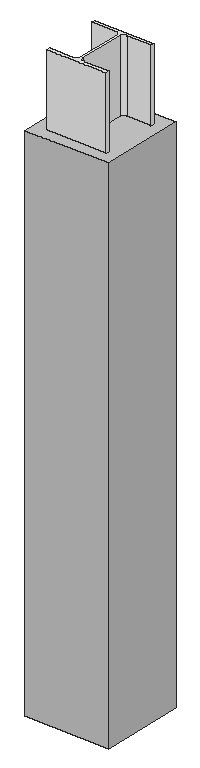
Revit family
Parameters (values of type "SRC250x250x9")
  hc [instance] = 350 mm
  bc [instance] = 350 mm
  콘크리트 상단 간격띄우기 [instance] = 300 mm
  콘크리트 회전 [instance] = 0.00°
  콘크리트 기둥 재료 [instance] = 콘크리트 - 현장타설 콘크리트
  기둥 재료 [instance] = 금속 - 스틸 - 345 MPa
  Assembly Code = ""
  A = 0.009 m²
  W = 0.71
  bf = 250 mm
  d = 250 mm
  k = 30 mm
  kr = k - tf  # 16 mm
  tf = 14 mm
  tw = 9 mm
Reference planes
  plane 1 "중심(앞/뒤)": y = 0
  plane 2: z = 0
  plane 3 "중심(왼쪽/오른쪽)": x = 0
  plane 4: x = -125
  plane 5: x = 125
  plane 6: y = 125
  plane 7: y = -125
  plane 8: x = -3.969
  plane 9: x = 3.969
  plane 10: z = 2200
Forms (mm)
  Extrusion 1, solid, material "금속 - 스틸 - 345 MPa" <- "기둥 재료", detail levels medium
    sketch origin (0, 0, 0) x (1, 0, 0) y (0, 1, 0)
      loop
        line (-125, 125) -> (-125, 111) -> (-4.5, 111) -> (-4.5, -111) -> (-125, -111) -> (-125, -125) -> (125, -125) -> (125, -111) -> (4.5, -111) -> (4.5, 111) -> (125, 111) -> (125, 125) -> (-125, 125)
    from 0 to 2500
  Extrusion 2, solid, material "금속 - 스틸 - 345 MPa" <- "기둥 재료", detail levels fine
    sketch origin (0, 0, 0) x (1, 0, 0) y (0, 1, 0)
      loop
        line (-125, 125) -> (-125, 111) -> (-20.5, 111)
        arc (-20.5, 111) -> (-9.186, 106.314) -> (-4.5, 95) r 16
        line (-4.5, 95) -> (-4.5, -95)
        arc (-4.5, -95) -> (-9.186, -106.314) -> (-20.5, -111) r 16
        line (-20.5, -111) -> (-125, -111) -> (-125, -125) -> (125, -125) -> (125, -111) -> (20.5, -111)
        arc (20.5, -111) -> (9.186, -106.314) -> (4.5, -95) r 16
        line (4.5, -95) -> (4.5, 95)
        arc (4.5, 95) -> (9.186, 106.314) -> (20.5, 111) r 16
        line (20.5, 111) -> (125, 111) -> (125, 125) -> (-125, 125)
    from 0 to 2500
  Sweep 3, solid, material "콘크리트 - 현장타설 콘크리트" <- "콘크리트 기둥 재료", detail levels medium+fine
    path origin (0, 0, 0) x (1, 0, 0) y (0, 0, 1)
      loop
        line (0, 0) -> (0, 2200)
    profile "M_직사각형 보-프로파일 : M_직사각형 보-프로파일" origin (0, 0, 1100) x (-1, 0, 0) y (0, -1, 0)
      loop
        line (-175, -175) -> (175, -175) -> (175, 175) -> (-175, 175) -> (-175, -175)
Lines and regions (mm)
  symbolic lines, style "StructuralColumnStickSymbols", detail levels coarse
    curve 1: line (-125, 125, 0) -> (125, 125, 0)
    curve 2: line (-125, -125, 0) -> (125, -125, 0)
    curve 3: line (0, 125, 0) -> (0, -125, 0)
    curve 6: line (-175, 175, 0) -> (175, 175, 0)
    curve 7: line (-175, -175, 0) -> (-175, 175, 0)
    curve 8: line (175, -175, 0) -> (-175, -175, 0)
    curve 9: line (175, 175, 0) -> (175, -175, 0)
  symbolic lines, style "숨겨진 면", detail levels medium+fine
    curve 4: line (-3.969, 0, 0) -> (-3.969, 0, 2500)
    curve 5: line (3.969, 0, 2500) -> (3.969, 0, 0)
Dimensions and locks
  equal spacing: plane 4, plane 3 "중심(왼쪽/오른쪽)", plane 5
  equal spacing: plane 7, plane 1 "중심(앞/뒤)", plane 6
  "d": plane 7 to plane 6
  "bf": plane 4 to plane 5
  "tf": plane 7 to Extrusion 1 sketch curve
  "tf": Extrusion 1 sketch curve to plane 6
  equal spacing: Extrusion 1 sketch curve, plane 3 "중심(왼쪽/오른쪽)", Extrusion 1 sketch curve
  "tw": Extrusion 1 sketch curve to Extrusion 1 sketch curve
  "콘크리트 상단 간격띄우기": level to plane 10
  "kr": radius of Extrusion 2 sketch curve  (x4)
  aligned and locked: plane 6 to Extrusion 1 sketch curve
  aligned and locked: Extrusion 1 sketch curve to plane 7
  aligned and locked: Extrusion 1 sketch curve to plane 4  (x2)
  aligned and locked: plane 5 to Extrusion 1 sketch curve  (x2)
  aligned and locked: Extrusion 1 sketch curve to Extrusion 1 sketch curve  (x2)
  aligned and locked: level to Extrusion 1
  aligned and locked: level to plane 2
  aligned and locked: Extrusion 1 to plane 2
  aligned and locked: plane 6 to Extrusion 2 sketch curve
  aligned and locked: plane 5 to Extrusion 2 sketch curve  (x2)
  aligned and locked: Extrusion 2 sketch curve to plane 4  (x2)
  aligned and locked: Extrusion 2 sketch curve to Extrusion 1  (x6)
  aligned and locked: Extrusion 2 sketch curve to plane 7
  aligned and locked: level to Extrusion 2
  aligned and locked: Extrusion 2 to level
  aligned and locked: level to Sweep 3 sketch curve
  aligned and locked: plane 10 to Sweep 3 sketch curve
  aligned and locked: plane 3 "중심(왼쪽/오른쪽)" to Sweep 3 sketch curve
  aligned and locked: curve 6 to Sweep 3
  aligned and locked: curve 7 to Sweep 3
  aligned and locked: curve 8 to Sweep 3
  aligned and locked: curve 9 to Sweep 3
Automatic sketch dimensions
  curve 2 to plane 4 = 0 mm
  curve 1 to plane 4 = 0 mm
  curve 3 to plane 3 "중심(왼쪽/오른쪽)" = 0 mm
  curve 2 to plane 5 = 0 mm
  curve 1 to plane 5 = 0 mm
  curve 3 to plane 7 = 0 mm
  curve 3 to plane 6 = 0 mm
  curve 4 to level = 0 mm  (x2)
  curve 4 to plane 8 = 0 mm
  curve 5 to level = 0 mm  (x2)
  curve 5 to plane 9 = 0 mm
